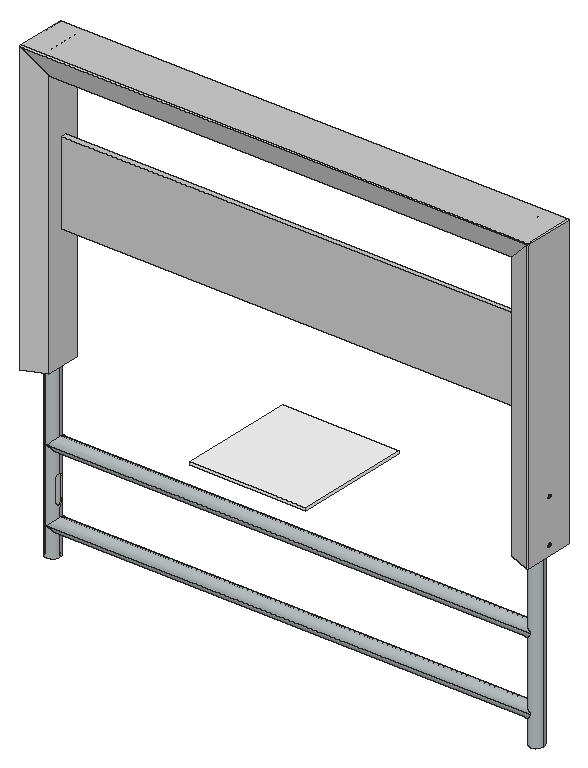
Revit family "BE_99069_de_DE", category Leuchten, Revit 2020
Family settings
  Basisbauteil = Fläche
  Bemaßung runder Anschluss = Durchmesser verwenden
  Teiletyp = Normal
  Beim Laden mit Abzugskörper schneiden = Ja
  Lichtquelle = Ja
  Gemeinsam genutzt = Nein
  Raumberechnungspunkt = Ja
Parameters (values of type "BEGA_99069_Silber_K4")
  built-in parameter 1150104 = 14.672 (stored number, unit not read)
  Wattage = 50.4 W
  Default Elevation = 0 mm
  built-in parameter 1150113 = 1 (stored number, unit not read)
  built-in parameter 1114218 = 1 (stored number, unit not read)
  Umgebungstemperatur = "25 °C"
  URL = "https://www.bega.com/de/produkt/99069"
  Typenkommentare = "© 2022 BEGA. Wir behalten uns das Recht vor, technische Änderungen ohne vorherige Ankündigung vorzunehmen."  # constant formula
  Type Image = 99069.png
  built-in parameter 1150134 = 12
  built-in parameter 1150109 = 1 (stored number, unit not read)
  Strom = ""
  built-in parameter 1150110 = 1 (stored number, unit not read)
  Spannung = 239.996 V
  Sonderanfertigung = no
  Seriennummer [instance] = "Hier können Sie die eindeutige Seriennummer für das Facility Management eintragen."
  Schutzklasse = "I"
  Schutzart = "IP 65"
  Scheinlast = 0 VA
  Produktdatenblatt = "https://cdn.bega.com/bega/products/99069AK3/current/documents/data-sheets/de"
  Oberflächentemperatur = ""
  Neigungswinkel = 0.00°
  Modell = "99069AK4"
  Material_18 = BEGA_Gummi_schwarz
  Material_17 = BEGA_Reflektor
  Material_15 = BEGA_Leuchtmedium_matt
  Material_11 = BEGA_Glas_opal
  Material_10 = BEGA_Glas_matt
  Material_09 = BEGA_Glas_klar
  Material_08 = BEGA_Oberfläche_Stahl_verzinkt
  Material_06 = BEGA_Oberfläche_Edelstahl_gebürstet
  Material_03 = BEGA_Oberfläche_Weiss_matt
  Material_02 = BEGA_Oberfläche_Silber_matt
  Material_01 [instance] = BEGA_Oberfläche_Grafit_matt
  M_W = no
  M_G = no
  M_A = yes
  Logo = 0
  built-in parameter 1114217 = 1 (stored number, unit not read)
  built-in parameter 1150139 = (empty or 0)
  built-in parameter 1150105 = 633.41 (stored number, unit not read)
  built-in parameter 1150114 = 1 (stored number, unit not read)
  Lumens = 7959.67 lm
  built-in parameter 1150115 = 1 (stored number, unit not read)
  Leuchtenlichtstrom = "3835 lm"
  Leuchtenanzahl = ""
  Lebensdauerkriterien = "L70B50 @ 25 °C = 120000 h"
  Lastklassifizierung = Beleuchtung
  built-in parameter 1150112 = 1 (stored number, unit not read)
  Lampenlichtstrom = "8580 lm"
  Lampe = "LED 47.2 W"
  LED_Modulbezeichnung = "4x LED-0462/840"
  built-in parameter 1150142 = (empty or 0)
  Hersteller = "BEGA"  # constant formula
  Halbstreuwinkel = ""
  Gewicht = "58.0 kg"
  Gebrauchslageneinschränkung [instance] = ""
  Frequenz = "0/50-60 Hz"
  Farbwiedergabeindex = "CRI > 80"
  Farbtemperaturverschiebung bei Dämpfen der Lampe = <Keine Auswahl>
  Farbtemperatur = "4000 K"
  Color Filter = 16777215
  built-in parameter 1150133 = 10 (stored number, unit not read)
  Energieeffizienzklasse = "LED A++ - A"
  built-in parameter 1150137 = (empty or 0)
  built-in parameter 1150132 = (empty or 0)
  ENEC = "ja"
  Datei für fotometrisches Netz = "BE_99069K4.IES"
  CE_Konformität = "ja"
  Bestellnummer = "99069AK4"
  Beschreibung_Sonderanfertigung = "Hier können Sie Informationen zur Sonderanfertigung eintragen."
  Beschreibung = "Hinweisleuchte"
  built-in parameter 1150106 = 6.3341 (stored number, unit not read)
  Befestigungsbohrung = ""
  Befestigungsabstand = ""
  Ballwurfsicher = ""
  BEGA_Intern_aus = yes
  BEGA_Intern_an = yes
  BEGA_Intern_Konstruktion = yes
  BEGA_Intern = yes
  BEGA_IES = yes
  BEGA_Dummy = no
  Anschlussleitung = ""
  Anschlussleistung [instance] = "53 W"
  Anschlusskasten = ""
  built-in parameter 1150107 = 4000 (stored number, unit not read)
  built-in parameter 1150102 = (empty or 0)
  built-in parameter 1150138 = (empty or 0)
  Aktualisierung = "2022-05-20T04:00:08"
  Abstand_zur_angestrahlten_Fläche [instance] = ""
  AC/DC = "AC/DC"
Types (4, lengths in mm): name | built-in parameter 1150104 | built-in parameter 1150134 | Modell | M_G | M_A | built-in parameter 1150105 | Lumens | Leuchtenlichtstrom | Lampenlichtstrom | LED_Modulbezeichnung | Farbtemperatur | Datei für fotometrisches Netz | Bestellnummer | built-in parameter 1150106 | built-in parameter 1150107
  BEGA_99069_Grafit_K3 | 13.419 (stored number, unit not read) | (empty or 0) | "99069K3" | yes | no | 579.31 (stored number, unit not read) | 7279.78 lm | "3657 lm" | "8180 lm" | "4x LED-0462/830" | "3000 K" | "BE_99069K3.IES" | "99069K3" | 5.7931 (stored number, unit not read) | 3000 (stored number, unit not read)
  BEGA_99069_Silber_K3 | 13.419 (stored number, unit not read) | (empty or 0) | "99069AK3" | no | yes | 579.31 (stored number, unit not read) | 7279.78 lm | "3657 lm" | "8180 lm" | "4x LED-0462/830" | "3000 K" | "BE_99069K3.IES" | "99069AK3" | 5.7931 (stored number, unit not read) | 3000 (stored number, unit not read)
  BEGA_99069_Silber_K4 | 14.672 (stored number, unit not read) | 12 | "99069AK4" | no | yes | 633.41 (stored number, unit not read) | 7959.67 lm | "3835 lm" | "8580 lm" | "4x LED-0462/840" | "4000 K" | "BE_99069K4.IES" | "99069AK4" | 6.3341 (stored number, unit not read) | 4000 (stored number, unit not read)
  BEGA_99069_Grafit_K4 | 14.672 (stored number, unit not read) | 12 | "99069K4" | yes | no | 633.41 (stored number, unit not read) | 7959.67 lm | "3835 lm" | "8580 lm" | "4x LED-0462/840" | "4000 K" | "BE_99069K4.IES" | "99069K4" | 6.3341 (stored number, unit not read) | 4000 (stored number, unit not read)
Reference planes
  plane 1 "Mitte (Vorne/Hinten)": y = 0
  plane 2: z = 0
  plane 3 "Mitte (Links/Rechts)": x = 0
  plane 4 "Links": x = -877.141
  plane 5 "Rechts": x = 877.141
  plane 6 "Unten": y = -90
  plane 7 "Oben": y = 90
  plane 8 "Vorne": z = 1002.142
  plane 9 "Hinten": z = -594.874
Forms (mm)
  Extrusion 1, solid, material "BEGA_Platte_Weiss"
    sketch origin (0, -1119.2, 0) x (1, 0, 0) y (0, 1, 0)
      loop
        line (-200, 1319.2) -> (-200, 919.2) -> (200, 919.2) -> (200, 1319.2) -> (-200, 1319.2)
    from 0 to -10
  Extrusion 2, solid, material "BEGA_Dummy_matt", visible <- "BEGA_Dummy"
    sketch origin (80.095, -76.023, 0) x (1, 0, 0) y (0, 1, 0)
      loop
        line (-957.237, 166.023) -> (-957.237, -13.977) -> (797.046, -13.977) -> (797.046, 166.023) -> (-957.237, 166.023)
    from 0 to 25.379
Dimensions and locks
  plane 1 "Mitte (Vorne/Hinten)" to Extrusion 1 = 200 mm
  aligned and locked: plane 2 to Extrusion 1
  aligned and locked: level to Extrusion 1
Nested families
  nested 1: "BE_99069" at (0, 0, 0), type "BE_99069"
Connectors
  electrical at (0, 0, 0), driven by "Lastklassifizierung", driven by "Spannung", driven by "Scheinlast"
    settings: index 1, voltage 239.996 V, apparent load 0 VA, apparent load phase1 0 VA, apparent load phase2 0 VA, apparent load phase3 0 VA, power factor 1, load classification "Beleuchtung", number of poles 1, system type 31, power factor state 1, is connector primary yes, connector utility no, sub classification motor no, connector description ""
Definition of nested family "BE_99069"
  Parameters (values of type "BE_99069")
    Default Elevation = 1 mm
    URL = "http://www.bega.de/de/produkt"
    Type Comments = "© 2015 BEGA. Wir behalten uns das Recht vor, technische Änderungen ohne vorherige Ankündigung vorzunehmen. "  # constant formula
    Type Image = (empty or 0)
    Material_18 = none
    Material_17 = none
    Material_15 = none
    Material_11 = none
    Material_10 = none
    Material_09 = none
    Material_08 = none
    Material_06 = none
    Material_03 = none
    Material_02 = none
    Material_01 = none
    M_W = yes
    M_G = yes
    M_A = yes
    Länge_Platte = 1900 mm  # constant formula
    Höhe_Platte = -10 mm  # constant formula
    Manufacturer = "BEGA"  # constant formula
    Breite_Platte = 300 mm  # constant formula
  Reference planes
    plane 1 "Mitte (Oben/Unten)": y = 0
    plane 2: z = 0
    plane 3 "Mitte (Links/Rechts)": x = 0
    plane 4: x = -877.141
    plane 5: z = -594.874
    plane 6: z = 1002.142
    plane 7: x = 877.141
    plane 8: y = -90
    plane 9: y = 90
  Forms (mm)
    Extrusion 1, solid, detail levels medium
      sketch origin (0, 0, 0) x (1, 0, 0) y (0, 1, 0)
        loop
          line (-950, 150) -> (-950, -150) -> (950, -150) -> (950, 150) -> (-950, 150)
      from 0 to -10 <- "Höhe_Platte"
    Extrusion 2, solid, material <- "Material_01", visible <- "M_G", detail levels medium+fine
      sketch origin (0, 0, 0) x (1, 0, 0) y (0, 1, 0)
        loop
          line (-877.141, -91.373) -> (-797.141, -60) -> (-797.141, 60) -> (-877.141, 91.373) -> (-877.141, -91.373)
        loop
          line (-862.923, 81.5) -> (-873.141, 81.5) -> (-873.141, -81.5) -> (-862.923, -81.5) -> (-801.141, -57.272) -> (-801.141, 57.272) -> (-862.923, 81.5)
        loop
          line (877.141, -91.373) -> (877.141, 91.373) -> (797.141, 60) -> (797.141, -60) -> (877.141, -91.373)
        loop
          line (862.923, 81.5) -> (801.141, 57.272) -> (801.141, -57.272) -> (862.923, -81.5) -> (873.141, -81.5) -> (873.141, 81.5) -> (862.923, 81.5)
      from 0 to 1002.142
    Extrusion 3, solid, material <- "Material_01", visible <- "M_G", detail levels medium+fine
      sketch origin (0, 0, -594.874) x (0, 1, 0) y (0, 0, 1)
        loop
          line (91.373, 1597.015) -> (-91.373, 1597.015) -> (-60, 1517.015) -> (60, 1517.015) -> (91.373, 1597.015)
        loop
          line (81.5, 1593.015) -> (-85.474, 1593.015) -> (-57.236, 1521.015) -> (57.258, 1521.015) -> (81.5, 1582.937) -> (81.5, 1593.015)
      from -877.141 to 877.141
    Extrusion 4, void
      sketch origin (0, 0, -594.874) x (1, 0, 0) y (0, 0, 1)
        loop
          line (877.141, 1597.015) -> (873, 1597.015) -> (877.141, 1592.874) -> (877.141, 1597.015)
        loop
          line (-877.141, 1597.015) -> (-877.141, 1592.874) -> (-873, 1597.015) -> (-877.141, 1597.015)
      from -108.412 to 107.721
    Extrusion 5, void
      sketch origin (0, 0, 0) x (1, 0, 0) y (0, 1, 0)
        loop
          line (-877.141, -86.5) -> (-877.141, -93.991) -> (-871.761, -91.881) -> (-877.141, -86.5)
        loop
          line (-877.141, 86.5) -> (-871.761, 91.881) -> (-877.141, 93.991) -> (-877.141, 86.5)
      from -16.353 to 1020.999
    Extrusion 6, void
      sketch origin (0, 0, 0) x (-1, 0, 0) y (0, -1, 0)
        loop
          line (-877.141, 86.5) -> (-871.761, 91.881) -> (-877.141, 93.991) -> (-877.141, 86.5)
        loop
          line (-877.141, -86.5) -> (-877.141, -93.991) -> (-871.761, -91.881) -> (-877.141, -86.5)
      from -16.353 to 1020.999
    Extrusion 7, void
      sketch origin (0, 0, -594.874) x (0, 1, 0) y (0, 0, 1)
        loop
          line (-86.5, 1597.015) -> (-91.373, 1597.015) -> (-91.373, 1592.143) -> (-86.5, 1597.015)
        loop
          line (86.5, 1597.015) -> (91.373, 1592.143) -> (91.373, 1597.015) -> (86.5, 1597.015)
      from -896.445 to 902.845
    Extrusion 8, solid, material <- "Material_08", detail levels medium+fine
      sketch origin (0, 0, 0) x (1, 0, 0) y (0, 1, 0)
        loop
          circle (835.5, 0) r 20.95
        loop
          circle (835.5, 0) r 24.15
        loop
          circle (-832.5, 0) r 20.95
        loop
          circle (-832.5, 0) r 24.15
      from -594.874 to 205.126
    Extrusion 9, void
      sketch origin (0, 0, 0) x (0, 1, 0) y (0, 0, 1)
        loop
          line (37, 462) -> (-37, 462)
          arc (-37, 462) -> (-39.828, 460.828) -> (-41, 458) r 4
          line (-41, 458) -> (-41, 254)
          arc (-41, 254) -> (-39.828, 251.172) -> (-37, 250) r 4
          line (-37, 250) -> (37, 250)
          arc (37, 250) -> (39.828, 251.172) -> (41, 254) r 4
          line (41, 254) -> (41, 458)
          arc (41, 458) -> (39.828, 460.828) -> (37, 462) r 4
      from -878.041 to -874.413
    Extrusion 10, solid, material <- "Material_01", visible <- "M_G", detail levels medium+fine
      sketch origin (0, -3302.472, 0) x (0, 1, 0) y (0, 0, 1)
        loop
          line (3339.494, 460.925) -> (3265.45, 460.925)
          arc (3265.45, 460.925) -> (3263.354, 460.033) -> (3262.49, 457.926) r 3
          line (3262.49, 457.926) -> (3262.49, 253.95)
          arc (3262.49, 253.95) -> (3263.372, 251.836) -> (3265.489, 250.961) r 3
          line (3265.489, 250.961) -> (3339.455, 250.961)
          arc (3339.455, 250.961) -> (3341.575, 251.84) -> (3342.454, 253.961) r 3
          line (3342.454, 253.961) -> (3342.454, 457.915)
          arc (3342.454, 457.915) -> (3341.593, 460.029) -> (3339.494, 460.925) r 3
      from -877.141 to -874.413
    Revolve 11, void
      sketch origin (-3360.287, 0, 0) x (-1, 0, 0) y (0, 0, 1)
        loop
          line (-2488.038, 361.518) -> (-2488.038, 355.943) -> (-2482.123, 355.943) -> (-2482.123, 361.518) -> (-2488.038, 361.518)
        axis (-2488.038, 355.943) -> (-2482.123, 355.943)
      angle from 0 to 360
    Revolve 12, solid, material <- "Material_06", detail levels fine
      sketch origin (1609.004, 0, 0) x (1, 0, 0) y (0, 0, 1)
        loop
          line (-2487.645, 360.943) -> (-2487.645, 355.943) -> (-2481.645, 355.943) -> (-2481.645, 360.943) -> (-2487.645, 360.943)
        axis (-2487.645, 355.943) -> (-2481.645, 355.943)
      angle from 0 to 360
    Revolve 13, solid, material <- "Material_06", detail levels fine
      sketch origin (0, 0, 0) x (1, 0, 0) y (0, 0, 1)
        loop
          line (-878.192, 190.45) -> (-878.192, 189) -> (-880.813, 189) -> (-881.563, 188.25) -> (-881.563, 185) -> (-876.779, 185) -> (-876.779, 190.45) -> (-878.192, 190.45)
        axis (-881.563, 185) -> (-876.779, 185)
      angle from 0 to 360
    Revolve 14, solid, material <- "Material_06", detail levels fine
      sketch origin (0, 0, -150) x (1, 0, 0) y (0, 0, 1)
        loop
          line (-878.192, 190.45) -> (-878.192, 189) -> (-880.813, 189) -> (-881.563, 188.25) -> (-881.563, 185) -> (-876.779, 185) -> (-876.779, 190.45) -> (-878.192, 190.45)
        axis (-881.563, 185) -> (-876.779, 185)
      angle from 0 to 360
    Revolve 15, solid, material <- "Material_06", detail levels fine
      sketch origin (0, 0, 0) x (-1, 0, 0) y (0, 0, 1)
        loop
          line (-878.192, 190.45) -> (-878.192, 189) -> (-880.813, 189) -> (-881.563, 188.25) -> (-881.563, 185) -> (-876.779, 185) -> (-876.779, 190.45) -> (-878.192, 190.45)
        axis (-881.563, 185) -> (-876.779, 185)
      angle from 0 to 360
    Revolve 16, solid, material <- "Material_06", detail levels fine
      sketch origin (0, 0, -150) x (-1, 0, 0) y (0, 0, 1)
        loop
          line (-878.192, 190.45) -> (-878.192, 189) -> (-880.813, 189) -> (-881.563, 188.25) -> (-881.563, 185) -> (-876.779, 185) -> (-876.779, 190.45) -> (-878.192, 190.45)
        axis (-881.563, 185) -> (-876.779, 185)
      angle from 0 to 360
    Extrusion 17, void
      sketch origin (0, 0, 0) x (0, 1, 0) y (0, 0, 1)
        loop
          line (-51.5, 926.74) -> (-51.5, 918.632) -> (51.5, 918.632) -> (51.5, 926.74) -> (-51.5, 926.74)
      from -755 to 755
    Sweep 18, solid, material <- "Material_01", visible <- "M_G", detail levels medium+fine
      path origin (0, 0, 0) x (1, 0, 0) y (0, 1, 0)
        loop
          line (-755, -51.5) -> (755, -51.5) -> (755, 51.5) -> (-755, 51.5) -> (-755, -51.5)
      profile origin (0, -51.5, 0) x (0, 1, 0) y (0, 0, 1)
        loop
          line (1.5, 922.142) -> (27, 922.142) -> (27, 926.142) -> (1.5, 926.142) -> (1.5, 922.142)
    Extrusion 19, solid, material <- "Material_10", detail levels medium+fine
      sketch origin (0, 0, 0) x (0, 1, 0) y (0, 0, 1)
        loop
          line (-32.25, 931.142) -> (-32.25, 927.142) -> (32.25, 927.142) -> (32.25, 931.142) -> (-32.25, 931.142)
      from -742.412 to 744.733
    Revolve 20, void
      sketch origin (0, 0, 0) x (0, 1, 0) y (0, 0, 1)
        loop
          line (-46.25, 922.142) -> (-41.25, 922.142) -> (-41.25, 924.97) -> (-45.684, 924.97) -> (-45.684, 922.708) -> (-46.25, 922.142)
        axis (-41.25, 924.97) -> (-41.25, 922.142)
      angle from 0 to 360
    Revolve 21, void
      sketch origin (0, 0, 0) x (0, -1, 0) y (0, 0, 1)
        loop
          line (-46.25, 922.142) -> (-41.25, 922.142) -> (-41.25, 924.97) -> (-45.684, 924.97) -> (-45.684, 922.708) -> (-46.25, 922.142)
        axis (-41.25, 924.97) -> (-41.25, 922.142)
      angle from 0 to 360
    Revolve 22, void
      sketch origin (-600, 0, 0) x (0, 1, 0) y (0, 0, 1)
        loop
          line (-46.25, 922.142) -> (-41.25, 922.142) -> (-41.25, 924.97) -> (-45.684, 924.97) -> (-45.684, 922.708) -> (-46.25, 922.142)
        axis (-41.25, 924.97) -> (-41.25, 922.142)
      angle from 0 to 360
    Revolve 23, void
      sketch origin (-600, 0, 0) x (0, -1, 0) y (0, 0, 1)
        loop
          line (-46.25, 922.142) -> (-41.25, 922.142) -> (-41.25, 924.97) -> (-45.684, 924.97) -> (-45.684, 922.708) -> (-46.25, 922.142)
        axis (-41.25, 924.97) -> (-41.25, 922.142)
      angle from 0 to 360
    Revolve 24, void
      sketch origin (600, 0, 0) x (0, 1, 0) y (0, 0, -1)
        loop
          line (-46.25, -922.142) -> (-45.684, -922.708) -> (-45.684, -924.97) -> (-41.25, -924.97) -> (-41.25, -922.142) -> (-46.25, -922.142)
        axis (-41.25, -924.97) -> (-41.25, -922.142)
      angle from 0 to 360
    Revolve 25, void
      sketch origin (600, 0, 0) x (0, -1, 0) y (0, 0, 1)
        loop
          line (-46.25, 922.142) -> (-41.25, 922.142) -> (-41.25, 924.97) -> (-45.684, 924.97) -> (-45.684, 922.708) -> (-46.25, 922.142)
        axis (-41.25, 924.97) -> (-41.25, 922.142)
      angle from 0 to 360
    Revolve 26, solid, material <- "Material_06", detail levels fine
      sketch origin (0, 0, 0) x (0, 1, 0) y (0, 0, 1)
        loop
          line (-45.512, 924.97) -> (-45.512, 920.441) -> (-41.25, 920.441) -> (-41.25, 924.97) -> (-45.512, 924.97)
        axis (-41.25, 924.97) -> (-41.25, 920.441)
      angle from 0 to 360
    Revolve 27, solid, material <- "Material_06", detail levels fine
      sketch origin (0, 0, 0) x (0, -1, 0) y (0, 0, 1)
        loop
          line (-45.512, 924.97) -> (-45.512, 920.441) -> (-41.25, 920.441) -> (-41.25, 924.97) -> (-45.512, 924.97)
        axis (-41.25, 924.97) -> (-41.25, 920.441)
      angle from 0 to 360
    Revolve 28, solid, material <- "Material_06", detail levels fine
      sketch origin (-600, 0, 0) x (0, 1, 0) y (0, 0, 1)
        loop
          line (-45.512, 924.97) -> (-45.512, 920.441) -> (-41.25, 920.441) -> (-41.25, 924.97) -> (-45.512, 924.97)
        axis (-41.25, 924.97) -> (-41.25, 920.441)
      angle from 0 to 360
    Revolve 29, solid, material <- "Material_06", detail levels fine
      sketch origin (-600, 0, 0) x (0, -1, 0) y (0, 0, 1)
        loop
          line (-45.512, 924.97) -> (-45.512, 920.441) -> (-41.25, 920.441) -> (-41.25, 924.97) -> (-45.512, 924.97)
        axis (-41.25, 924.97) -> (-41.25, 920.441)
      angle from 0 to 360
    Revolve 30, solid, material <- "Material_06", detail levels fine
      sketch origin (600, 0, 0) x (0, 1, 0) y (0, 0, -1)
        loop
          line (-45.512, -924.97) -> (-41.25, -924.97) -> (-41.25, -920.441) -> (-45.512, -920.441) -> (-45.512, -924.97)
        axis (-41.25, -924.97) -> (-41.25, -920.441)
      angle from 0 to 360
    Revolve 31, solid, material <- "Material_06", detail levels fine
      sketch origin (600, 0, 0) x (0, -1, 0) y (0, 0, 1)
        loop
          line (-45.512, 924.97) -> (-45.512, 920.441) -> (-41.25, 920.441) -> (-41.25, 924.97) -> (-45.512, 924.97)
        axis (-41.25, 924.97) -> (-41.25, 920.441)
      angle from 0 to 360
    Extrusion 32, void
      sketch origin (0, 0, 0) x (0, 1, 0) y (0, 0, 1)
        loop
          arc (15, -349.874) -> (0, -334.874) -> (-15, -349.874) r 15
          line (-15, -349.874) -> (-15, -419.874)
          arc (-15, -419.874) -> (0, -434.874) -> (15, -419.874) r 15
          line (15, -419.874) -> (15, -349.874)
        loop
          circle (0, -584.874) r 5
      from -832.962 to -806.308
    Extrusion 33, void
      sketch origin (0, 0, 0) x (0, 1, 0) y (0, 0, -1)
        loop
          line (15, 349.874) -> (15, 419.874)
          arc (15, 419.874) -> (0, 434.874) -> (-15, 419.874) r 15
          line (-15, 419.874) -> (-15, 349.874)
          arc (-15, 349.874) -> (0, 334.874) -> (15, 349.874) r 15
        loop
          circle (0, 584.874) r 5
      from -829.89 to -806.308
    Extrusion 34, solid, material <- "Material_08", detail levels medium+fine
      sketch origin (0, 0, 0) x (0, 1, 0) y (0, 0, 1)
        loop
          circle (0, -244.874) r 20.95
        loop
          circle (0, -244.874) r 24.15
        loop
          circle (0, -494.874) r 20.95
        loop
          circle (0, -494.874) r 24.15
      from -832.5 to 835.5
    Extrusion 35, solid, material <- "Material_02", visible <- "M_A", detail levels medium+fine
      sketch origin (0, 0, 0) x (1, 0, 0) y (0, 1, 0)
        loop
          line (-877.141, -91.373) -> (-797.141, -60) -> (-797.141, 60) -> (-877.141, 91.373) -> (-877.141, -91.373)
        loop
          line (-862.923, 81.5) -> (-873.141, 81.5) -> (-873.141, -81.5) -> (-862.923, -81.5) -> (-801.141, -57.272) -> (-801.141, 57.272) -> (-862.923, 81.5)
        loop
          line (877.141, -91.373) -> (877.141, 91.373) -> (797.141, 60) -> (797.141, -60) -> (877.141, -91.373)
        loop
          line (862.923, 81.5) -> (801.141, 57.272) -> (801.141, -57.272) -> (862.923, -81.5) -> (873.141, -81.5) -> (873.141, 81.5) -> (862.923, 81.5)
      from 0 to 1002.142
    Extrusion 36, solid, material <- "Material_02", visible <- "M_A", detail levels medium+fine
      sketch origin (0, 0, -594.874) x (0, 1, 0) y (0, 0, 1)
        loop
          line (91.373, 1597.015) -> (-91.373, 1597.015) -> (-60, 1517.015) -> (60, 1517.015) -> (91.373, 1597.015)
        loop
          line (81.5, 1593.015) -> (-85.474, 1593.015) -> (-57.236, 1521.015) -> (57.258, 1521.015) -> (81.5, 1582.937) -> (81.5, 1593.015)
      from -877.141 to 877.141
    Extrusion 37, solid, material <- "Material_02", visible <- "M_A", detail levels medium+fine
      sketch origin (0, -3302.472, 0) x (0, 1, 0) y (0, 0, 1)
        loop
          line (3339.494, 460.925) -> (3265.45, 460.925)
          arc (3265.45, 460.925) -> (3263.354, 460.033) -> (3262.49, 457.926) r 3
          line (3262.49, 457.926) -> (3262.49, 253.95)
          arc (3262.49, 253.95) -> (3263.372, 251.836) -> (3265.489, 250.961) r 3
          line (3265.489, 250.961) -> (3339.455, 250.961)
          arc (3339.455, 250.961) -> (3341.575, 251.84) -> (3342.454, 253.961) r 3
          line (3342.454, 253.961) -> (3342.454, 457.915)
          arc (3342.454, 457.915) -> (3341.593, 460.029) -> (3339.494, 460.925) r 3
      from -877.141 to -874.413
    Sweep 38, solid, material <- "Material_02", visible <- "M_A", detail levels medium+fine
      path origin (0, 0, 0) x (1, 0, 0) y (0, 1, 0)
        loop
          line (-755, -51.5) -> (755, -51.5) -> (755, 51.5) -> (-755, 51.5) -> (-755, -51.5)
      profile origin (0, -51.5, 0) x (0, 1, 0) y (0, 0, 1)
        loop
          line (1.5, 922.142) -> (27, 922.142) -> (27, 926.142) -> (1.5, 926.142) -> (1.5, 922.142)
    Extrusion 39, solid, material <- "Material_01", visible <- "M_G", detail levels medium+fine
      sketch origin (0, 0, 0) x (0, 1, 0) y (0, 0, 1)
        loop
          line (9, 713.142) -> (-9, 713.142) -> (-9, 427.142) -> (9, 427.142) -> (9, 713.142)
        loop
          line (-6, 430.142) -> (6, 430.142) -> (6, 710.142) -> (-6, 710.142) -> (-6, 430.142)
      from -795.041 to 795.041
    Extrusion 40, solid, material <- "Material_01", visible <- "M_G", detail levels medium+fine
      sketch origin (0, 0, 0) x (-1, 0, 0) y (0, 0, -1)
        loop
          line (787.859, -669.786) -> (797.141, -669.786) -> (797.141, -469.786) -> (787.859, -469.786) -> (787.859, -669.786)
      from -6 to 6
    Extrusion 41, solid, material <- "Material_01", visible <- "M_G", detail levels medium+fine
      sketch origin (0, 0, 0) x (1, 0, 0) y (0, 0, 1)
        loop
          line (787.859, 669.786) -> (787.859, 469.786) -> (797.141, 469.786) -> (797.141, 669.786) -> (787.859, 669.786)
      from -6 to 6
    Extrusion 42, solid, material <- "Material_06", detail levels fine
      sketch origin (0, 0, 0) x (1, 0, 0) y (0, 1, 0)
        loop
          circle (-650.141, 0) r 5
        loop
          circle (650.141, 0) r 5
      from 426.573 to 438.729
    Extrusion 43, solid, material <- "Material_02", visible <- "M_A", detail levels medium+fine
      sketch origin (0, 0, 0) x (0, 1, 0) y (0, 0, 1)
        loop
          line (9, 713.142) -> (-9, 713.142) -> (-9, 427.142) -> (9, 427.142) -> (9, 713.142)
        loop
          line (-6, 430.142) -> (6, 430.142) -> (6, 710.142) -> (-6, 710.142) -> (-6, 430.142)
      from -795.041 to 795.041
  Cuts and joins
    Extrusion 4, Extrusion 5, Extrusion 6, Extrusion 7, Extrusion 9, Extrusion 17 cuts Extrusion 2
    Extrusion 4, Extrusion 5, Extrusion 6, Extrusion 7, Extrusion 17 cuts Extrusion 3
    joined: Extrusion 2, Extrusion 3
    Revolve 11 cuts Extrusion 10
    Revolve 20, Revolve 21, Revolve 22, Revolve 23, Revolve 24, Revolve 25 cuts Sweep 18
    Extrusion 32, Extrusion 33 cuts Extrusion 8
    joined: Extrusion 8, Extrusion 34
    Extrusion 4, Extrusion 5, Extrusion 6, Extrusion 7, Extrusion 9 cuts Extrusion 35
    Extrusion 4, Extrusion 5, Extrusion 6, Extrusion 7, Extrusion 17 cuts Extrusion 36
    joined: Extrusion 35, Extrusion 36
    Revolve 11 cuts Extrusion 37
    Revolve 20, Revolve 21, Revolve 22, Revolve 23, Revolve 24, Revolve 25 cuts Sweep 38
    joined: Extrusion 39, Extrusion 40, Extrusion 41
  Dimensions and locks
    equal spacing: Extrusion 1 sketch curve, plane 3 "Mitte (Links/Rechts)", Extrusion 1 sketch curve
    equal spacing: Extrusion 1 sketch curve, plane 1 "Mitte (Oben/Unten)", Extrusion 1 sketch curve
    "Länge_Platte": Extrusion 1 sketch curve to Extrusion 1 sketch curve
    "Breite_Platte": Extrusion 1 sketch curve to Extrusion 1 sketch curve
    aligned and locked: Extrusion 1 to plane 2
    aligned and locked: level to Extrusion 1
  Automatic sketch dimensions
    Extrusion 2 sketch curve to plane 4 = 0 mm
    Extrusion 2 sketch curve to plane 7 = 0 mm
    plane 4 to Extrusion 2 sketch curve = 4 mm
    Extrusion 2 sketch curve to Extrusion 2 sketch curve = 10.219 mm  (x2)
    Extrusion 2 sketch curve to plane 9 = 32.728 mm  (x2)
    Extrusion 2 sketch curve to Extrusion 2 sketch curve = 61.781 mm
    Extrusion 2 sketch curve to Extrusion 2 sketch curve = 4 mm  (x2)
    Extrusion 2 sketch curve to plane 8 = 30 mm  (x2)
    plane 7 to Extrusion 2 sketch curve = 80 mm
    Extrusion 2 sketch curve to plane 8 = 32.728 mm
    plane 7 to Extrusion 2 sketch curve = 14.219 mm  (x2)
    plane 7 to Extrusion 2 sketch curve = 4 mm
    Extrusion 2 sketch curve to plane 8 = 8.5 mm  (x2)
    plane 8 to Extrusion 2 sketch curve = 1.373 mm  (x2)
    Extrusion 2 sketch curve to Extrusion 2 sketch curve = 2.728 mm  (x3)
    Extrusion 2 sketch curve to plane 9 = 8.5 mm  (x2)
    plane 9 to Extrusion 2 sketch curve = 1.373 mm  (x2)
    Extrusion 3 sketch curve to plane 6 = 0 mm
    plane 8 to Extrusion 3 sketch curve = 1.373 mm
    Extrusion 3 sketch curve to plane 8 = 4.526 mm
    Extrusion 3 sketch curve to plane 8 = 30 mm
    Extrusion 3 sketch curve to Extrusion 3 sketch curve = 2.764 mm
    Extrusion 3 sketch curve to plane 9 = 32.742 mm
    Extrusion 3 sketch curve to Extrusion 3 sketch curve = 2.742 mm
    plane 6 to Extrusion 3 sketch curve = 4 mm
    Extrusion 3 sketch curve to plane 9 = 8.5 mm
    plane 9 to Extrusion 3 sketch curve = 1.372 mm
    Extrusion 3 sketch curve to Extrusion 3 sketch curve = 10.078 mm
    plane 6 to Extrusion 3 sketch curve = 76 mm
    Extrusion 3 sketch curve to Extrusion 3 sketch curve = 4 mm
    Extrusion 4 sketch curve to plane 4 = 0 mm
    plane 7 to Extrusion 4 sketch curve = 0 mm
    Extrusion 4 sketch curve to plane 6 = 0 mm  (x2)
    Extrusion 4 sketch curve to Extrusion 4 sketch curve = 4.142 mm  (x2)
    plane 6 to Extrusion 4 sketch curve = 4.142 mm  (x2)
    Extrusion 5 sketch curve to plane 4 = 0 mm  (x2)
    plane 8 to Extrusion 5 sketch curve = 1.881 mm
    plane 4 to Extrusion 5 sketch curve = 5.381 mm  (x2)
    plane 9 to Extrusion 5 sketch curve = 1.881 mm
    plane 8 to Extrusion 5 sketch curve = 3.991 mm
    Extrusion 5 sketch curve to plane 8 = 3.5 mm
    Extrusion 5 sketch curve to plane 9 = 3.5 mm
    plane 9 to Extrusion 5 sketch curve = 3.991 mm
    Extrusion 6 sketch curve to plane 7 = 0 mm  (x2)
    Extrusion 6 sketch curve to plane 8 = 1.881 mm
    Extrusion 6 sketch curve to plane 7 = 5.381 mm  (x2)
    Extrusion 6 sketch curve to plane 9 = 1.881 mm
    Extrusion 6 sketch curve to plane 8 = 3.991 mm
    plane 8 to Extrusion 6 sketch curve = 3.5 mm
    plane 9 to Extrusion 6 sketch curve = 3.5 mm
    Extrusion 6 sketch curve to plane 9 = 3.991 mm
    Extrusion 7 sketch curve to plane 6 = 0 mm
    plane 6 to Extrusion 7 sketch curve = 0 mm
    plane 8 to Extrusion 7 sketch curve = 1.373 mm
    Extrusion 7 sketch curve to plane 8 = 3.5 mm
    Extrusion 7 sketch curve to plane 9 = 3.5 mm
    plane 9 to Extrusion 7 sketch curve = 1.373 mm
    plane 6 to Extrusion 7 sketch curve = 4.872 mm  (x2)
    Extrusion 8 sketch curve to Extrusion 8 sketch curve = 0 mm  (x4)
    Extrusion 8 sketch curve to plane 1 "Mitte (Oben/Unten)" = 0 mm
    plane 1 "Mitte (Oben/Unten)" to Extrusion 8 sketch curve = 0 mm
    plane 4 to Extrusion 8 sketch curve = 44.641 mm
    plane 7 to Extrusion 8 sketch curve = 41.641 mm
    plane 1 "Mitte (Oben/Unten)" to Extrusion 9 sketch curve = 41 mm
    Extrusion 9 sketch curve to Extrusion 9 sketch curve = 4 mm  (x3)
    Extrusion 9 sketch curve to plane 1 "Mitte (Oben/Unten)" = 37 mm  (x2)
    level to Extrusion 9 sketch curve = 250 mm
    Extrusion 9 sketch curve to Extrusion 9 sketch curve = 204 mm
    plane 1 "Mitte (Oben/Unten)" to Extrusion 10 sketch curve = 39.982 mm
    plane 1 "Mitte (Oben/Unten)" to Extrusion 10 sketch curve = 37.022 mm
    Extrusion 10 sketch curve to Extrusion 10 sketch curve = 3 mm  (x6)
    Extrusion 10 sketch curve to Extrusion 10 sketch curve = 0.04 mm  (x2)
    Extrusion 10 sketch curve to plane 1 "Mitte (Oben/Unten)" = 36.982 mm  (x2)
    level to Extrusion 10 sketch curve = 253.95 mm
    Extrusion 10 sketch curve to Extrusion 10 sketch curve = 0.011 mm  (x2)
    Extrusion 10 sketch curve to Extrusion 10 sketch curve = 203.954 mm
    Extrusion 10 sketch curve to Extrusion 10 sketch curve = 0.01 mm
    Extrusion 10 sketch curve to Extrusion 10 sketch curve = 0.018 mm  (x4)
    Extrusion 10 sketch curve to Extrusion 10 sketch curve = 0 mm  (x5)
    Revolve 11 sketch curve to plane 4 = 4.892 mm
    plane 4 to Revolve 11 sketch curve = 1.022 mm
    Revolve 11 sketch curve to level = 355.943 mm
    Revolve 11 sketch curve to Revolve 11 sketch curve = 5.575 mm
    Revolve 11 sketch curve to Revolve 11 sketch curve = 0 mm  (x3)
    Revolve 12 sketch curve to plane 4 = 1.5 mm
    plane 4 to Revolve 12 sketch curve = 4.5 mm
    level to Revolve 12 sketch curve = 355.943 mm
    Revolve 12 sketch curve to Revolve 12 sketch curve = 5 mm
    Revolve 12 sketch curve to Revolve 12 sketch curve = 0 mm  (x3)
    Revolve 13 sketch curve to plane 4 = 4.421 mm
    Revolve 13 sketch curve to Revolve 13 sketch curve = 0.75 mm  (x2)
    Revolve 13 sketch curve to plane 4 = 1.051 mm
    plane 4 to Revolve 13 sketch curve = 0.363 mm
    level to Revolve 13 sketch curve = 185 mm
    Revolve 13 sketch curve to Revolve 13 sketch curve = 3.25 mm
    Revolve 13 sketch curve to Revolve 13 sketch curve = 1.45 mm
    Revolve 13 sketch curve to Revolve 13 sketch curve = 0 mm  (x3)
    Revolve 14 sketch curve to plane 4 = 4.421 mm
    Revolve 14 sketch curve to Revolve 14 sketch curve = 0.75 mm  (x2)
    Revolve 14 sketch curve to plane 4 = 1.051 mm
    plane 4 to Revolve 14 sketch curve = 0.363 mm
    level to Revolve 14 sketch curve = 35 mm
    Revolve 14 sketch curve to Revolve 14 sketch curve = 3.25 mm
    Revolve 14 sketch curve to Revolve 14 sketch curve = 1.45 mm
    Revolve 14 sketch curve to Revolve 14 sketch curve = 0 mm  (x3)
    plane 7 to Revolve 15 sketch curve = 4.421 mm
    Revolve 15 sketch curve to Revolve 15 sketch curve = 0.75 mm  (x2)
    plane 7 to Revolve 15 sketch curve = 1.051 mm
    Revolve 15 sketch curve to plane 7 = 0.363 mm
    Revolve 15 sketch curve to level = 185 mm
    Revolve 15 sketch curve to Revolve 15 sketch curve = 3.25 mm
    Revolve 15 sketch curve to Revolve 15 sketch curve = 1.45 mm
    Revolve 15 sketch curve to Revolve 15 sketch curve = 0 mm  (x3)
    plane 7 to Revolve 16 sketch curve = 4.421 mm
    Revolve 16 sketch curve to Revolve 16 sketch curve = 0.75 mm  (x2)
    plane 7 to Revolve 16 sketch curve = 1.051 mm
    Revolve 16 sketch curve to plane 7 = 0.363 mm
    Revolve 16 sketch curve to level = 35 mm
    Revolve 16 sketch curve to Revolve 16 sketch curve = 3.25 mm
    Revolve 16 sketch curve to Revolve 16 sketch curve = 1.45 mm
    Revolve 16 sketch curve to Revolve 16 sketch curve = 0 mm  (x3)
    Extrusion 17 sketch curve to plane 8 = 38.5 mm
    Extrusion 17 sketch curve to plane 9 = 38.5 mm
    plane 6 to Extrusion 17 sketch curve = 83.51 mm
    Extrusion 17 sketch curve to Extrusion 17 sketch curve = 8.108 mm
    Sweep 18 sketch curve to plane 9 = 38.5 mm
    plane 4 to Sweep 18 sketch curve = 122.141 mm
    plane 7 to Sweep 18 sketch curve = 122.141 mm
    Sweep 18 sketch curve to plane 8 = 38.5 mm
    Sweep 18 sketch curve to profile plane = 1.5 mm
    Sweep 18 sketch curve to Sweep 18 sketch curve = 25.5 mm
    level to Sweep 18 sketch curve = 922.142 mm
    Sweep 18 sketch curve to Sweep 18 sketch curve = 4 mm
    plane 1 "Mitte (Oben/Unten)" to Extrusion 19 sketch curve = 32.25 mm
    Extrusion 19 sketch curve to plane 1 "Mitte (Oben/Unten)" = 32.25 mm
    plane 6 to Extrusion 19 sketch curve = 75 mm
    Extrusion 19 sketch curve to Extrusion 19 sketch curve = 4 mm
    Revolve 20 sketch curve to plane 8 = 43.75 mm
    Revolve 20 sketch curve to Revolve 20 sketch curve = 0.566 mm  (x2)
    Revolve 20 sketch curve to Revolve 20 sketch curve = 4.434 mm
    plane 6 to Revolve 20 sketch curve = 80 mm
    Revolve 20 sketch curve to Revolve 20 sketch curve = 2.263 mm
    Revolve 20 sketch curve to Revolve 20 sketch curve = 0 mm  (x3)
    plane 9 to Revolve 21 sketch curve = 43.75 mm
    Revolve 21 sketch curve to Revolve 21 sketch curve = 0.566 mm  (x2)
    Revolve 21 sketch curve to Revolve 21 sketch curve = 4.434 mm
    Revolve 21 sketch curve to plane 6 = 80 mm
    Revolve 21 sketch curve to Revolve 21 sketch curve = 2.263 mm
    Revolve 21 sketch curve to Revolve 21 sketch curve = 0 mm  (x3)
    Revolve 22 sketch curve to plane 8 = 43.75 mm
    Revolve 22 sketch curve to Revolve 22 sketch curve = 0.566 mm  (x2)
    Revolve 22 sketch curve to Revolve 22 sketch curve = 4.434 mm
    plane 6 to Revolve 22 sketch curve = 80 mm
    Revolve 22 sketch curve to Revolve 22 sketch curve = 2.263 mm
    Revolve 22 sketch curve to Revolve 22 sketch curve = 0 mm  (x3)
    plane 9 to Revolve 23 sketch curve = 43.75 mm
    Revolve 23 sketch curve to Revolve 23 sketch curve = 0.566 mm  (x2)
    Revolve 23 sketch curve to Revolve 23 sketch curve = 4.434 mm
    Revolve 23 sketch curve to plane 6 = 80 mm
    Revolve 23 sketch curve to Revolve 23 sketch curve = 2.263 mm
    Revolve 23 sketch curve to Revolve 23 sketch curve = 0 mm  (x3)
    Revolve 24 sketch curve to plane 8 = 43.75 mm
    Revolve 24 sketch curve to Revolve 24 sketch curve = 0.566 mm
    Revolve 24 sketch curve to Revolve 24 sketch curve = 4.434 mm
    plane 6 to Revolve 24 sketch curve = 77.171 mm
    Revolve 24 sketch curve to Revolve 24 sketch curve = 2.263 mm
    Revolve 24 sketch curve to Revolve 24 sketch curve = 2.829 mm
    Revolve 24 sketch curve to Revolve 24 sketch curve = 0 mm  (x3)
    Revolve 25 sketch curve to plane 9 = 43.75 mm
    Revolve 25 sketch curve to Revolve 25 sketch curve = 0.566 mm  (x2)
    Revolve 25 sketch curve to Revolve 25 sketch curve = 4.434 mm
    plane 6 to Revolve 25 sketch curve = 80 mm
    Revolve 25 sketch curve to Revolve 25 sketch curve = 2.263 mm
    Revolve 25 sketch curve to Revolve 25 sketch curve = 0 mm  (x3)
    Revolve 26 sketch curve to plane 8 = 44.488 mm
    Revolve 26 sketch curve to Revolve 26 sketch curve = 4.262 mm
    plane 6 to Revolve 26 sketch curve = 81.7 mm
    Revolve 26 sketch curve to Revolve 26 sketch curve = 4.529 mm
    Revolve 26 sketch curve to Revolve 26 sketch curve = 0 mm  (x3)
    plane 9 to Revolve 27 sketch curve = 44.488 mm
    Revolve 27 sketch curve to Revolve 27 sketch curve = 4.262 mm
    Revolve 27 sketch curve to plane 6 = 81.7 mm
    Revolve 27 sketch curve to Revolve 27 sketch curve = 4.529 mm
    Revolve 27 sketch curve to Revolve 27 sketch curve = 0 mm  (x3)
    Revolve 28 sketch curve to plane 8 = 44.488 mm
    Revolve 28 sketch curve to Revolve 28 sketch curve = 4.262 mm
    plane 6 to Revolve 28 sketch curve = 81.7 mm
    Revolve 28 sketch curve to Revolve 28 sketch curve = 4.529 mm
    Revolve 28 sketch curve to Revolve 28 sketch curve = 0 mm  (x3)
    plane 9 to Revolve 29 sketch curve = 44.488 mm
    Revolve 29 sketch curve to Revolve 29 sketch curve = 4.262 mm
    Revolve 29 sketch curve to plane 6 = 81.7 mm
    Revolve 29 sketch curve to Revolve 29 sketch curve = 4.529 mm
    Revolve 29 sketch curve to Revolve 29 sketch curve = 0 mm  (x3)
    Revolve 30 sketch curve to plane 8 = 44.488 mm
    Revolve 30 sketch curve to Revolve 30 sketch curve = 4.262 mm
    plane 6 to Revolve 30 sketch curve = 77.171 mm
    Revolve 30 sketch curve to Revolve 30 sketch curve = 4.529 mm
    Revolve 30 sketch curve to Revolve 30 sketch curve = 0 mm  (x3)
    Revolve 31 sketch curve to plane 9 = 44.488 mm
    Revolve 31 sketch curve to Revolve 31 sketch curve = 4.262 mm
    plane 6 to Revolve 31 sketch curve = 81.7 mm
    Revolve 31 sketch curve to Revolve 31 sketch curve = 4.529 mm
    Revolve 31 sketch curve to Revolve 31 sketch curve = 0 mm  (x3)
    Extrusion 32 sketch curve to plane 1 "Mitte (Oben/Unten)" = 0 mm  (x2)
    plane 1 "Mitte (Oben/Unten)" to Extrusion 32 sketch curve = 15 mm
    Extrusion 32 sketch curve to plane 5 = 10 mm
    Extrusion 32 sketch curve to Extrusion 32 sketch curve = 165 mm
    Extrusion 32 sketch curve to Extrusion 32 sketch curve = 70 mm
    Extrusion 33 sketch curve to plane 1 "Mitte (Oben/Unten)" = 0 mm  (x2)
    plane 1 "Mitte (Oben/Unten)" to Extrusion 33 sketch curve = 15 mm
    Extrusion 33 sketch curve to plane 5 = 245 mm
    Extrusion 33 sketch curve to Extrusion 33 sketch curve = 70 mm
    Extrusion 33 sketch curve to plane 5 = 10 mm
    Extrusion 35 sketch curve to plane 4 = 0 mm
    Extrusion 35 sketch curve to plane 7 = 0 mm
    plane 4 to Extrusion 35 sketch curve = 4 mm
    Extrusion 35 sketch curve to Extrusion 35 sketch curve = 10.219 mm  (x2)
    Extrusion 35 sketch curve to plane 9 = 32.728 mm  (x2)
    Extrusion 35 sketch curve to Extrusion 35 sketch curve = 61.781 mm
    Extrusion 35 sketch curve to Extrusion 35 sketch curve = 4 mm  (x2)
    Extrusion 35 sketch curve to plane 8 = 30 mm  (x2)
    plane 7 to Extrusion 35 sketch curve = 80 mm
    Extrusion 35 sketch curve to plane 8 = 32.728 mm
    plane 7 to Extrusion 35 sketch curve = 14.219 mm  (x2)
    plane 7 to Extrusion 35 sketch curve = 4 mm
    Extrusion 35 sketch curve to plane 8 = 8.5 mm  (x2)
    plane 8 to Extrusion 35 sketch curve = 1.373 mm  (x2)
    Extrusion 35 sketch curve to Extrusion 35 sketch curve = 2.728 mm  (x3)
    Extrusion 35 sketch curve to plane 9 = 8.5 mm  (x2)
    plane 9 to Extrusion 35 sketch curve = 1.373 mm  (x2)
    Extrusion 36 sketch curve to plane 6 = 0 mm
    plane 8 to Extrusion 36 sketch curve = 1.373 mm
    Extrusion 36 sketch curve to plane 8 = 4.526 mm
    Extrusion 36 sketch curve to plane 8 = 30 mm
    Extrusion 36 sketch curve to Extrusion 36 sketch curve = 2.764 mm
    Extrusion 36 sketch curve to plane 9 = 32.742 mm
    Extrusion 36 sketch curve to Extrusion 36 sketch curve = 2.742 mm
    plane 6 to Extrusion 36 sketch curve = 4 mm
    Extrusion 36 sketch curve to plane 9 = 8.5 mm
    plane 9 to Extrusion 36 sketch curve = 1.372 mm
    Extrusion 36 sketch curve to Extrusion 36 sketch curve = 10.078 mm
    plane 6 to Extrusion 36 sketch curve = 76 mm
    Extrusion 36 sketch curve to Extrusion 36 sketch curve = 4 mm
    plane 1 "Mitte (Oben/Unten)" to Extrusion 37 sketch curve = 39.982 mm
    plane 1 "Mitte (Oben/Unten)" to Extrusion 37 sketch curve = 37.022 mm
    Extrusion 37 sketch curve to Extrusion 37 sketch curve = 3 mm  (x6)
    Extrusion 37 sketch curve to Extrusion 37 sketch curve = 0.04 mm  (x2)
    Extrusion 37 sketch curve to plane 1 "Mitte (Oben/Unten)" = 36.982 mm  (x2)
    level to Extrusion 37 sketch curve = 253.95 mm
    Extrusion 37 sketch curve to Extrusion 37 sketch curve = 0.011 mm  (x2)
    Extrusion 37 sketch curve to Extrusion 37 sketch curve = 203.954 mm
    Extrusion 37 sketch curve to Extrusion 37 sketch curve = 0.01 mm
    Extrusion 37 sketch curve to Extrusion 37 sketch curve = 0.018 mm  (x4)
    Extrusion 37 sketch curve to Extrusion 37 sketch curve = 0 mm  (x5)
    Sweep 38 sketch curve to plane 9 = 38.5 mm
    plane 4 to Sweep 38 sketch curve = 122.141 mm
    plane 7 to Sweep 38 sketch curve = 122.141 mm
    Sweep 38 sketch curve to plane 8 = 38.5 mm
    Sweep 38 sketch curve to profile plane = 1.5 mm
    Sweep 38 sketch curve to Sweep 38 sketch curve = 25.5 mm
    level to Sweep 38 sketch curve = 922.142 mm
    Sweep 38 sketch curve to Sweep 38 sketch curve = 4 mm
    plane 1 "Mitte (Oben/Unten)" to Extrusion 39 sketch curve = 9 mm
    Extrusion 39 sketch curve to Extrusion 39 sketch curve = 3 mm  (x4)
    Extrusion 39 sketch curve to plane 1 "Mitte (Oben/Unten)" = 6 mm
    level to Extrusion 39 sketch curve = 427.142 mm
    Extrusion 39 sketch curve to Extrusion 39 sketch curve = 280 mm
    Extrusion 40 sketch curve to plane 4 = 89.283 mm
    Extrusion 40 sketch curve to Extrusion 40 sketch curve = 9.283 mm
    Extrusion 40 sketch curve to level = 469.786 mm
    Extrusion 40 sketch curve to Extrusion 40 sketch curve = 200 mm
    plane 7 to Extrusion 41 sketch curve = 89.283 mm
    Extrusion 41 sketch curve to Extrusion 41 sketch curve = 9.283 mm
    level to Extrusion 41 sketch curve = 469.786 mm
    Extrusion 41 sketch curve to Extrusion 41 sketch curve = 200 mm
    Extrusion 42 sketch curve to plane 1 "Mitte (Oben/Unten)" = 0 mm  (x2)
    plane 4 to Extrusion 42 sketch curve = 227 mm
    plane 7 to Extrusion 42 sketch curve = 227 mm
    plane 1 "Mitte (Oben/Unten)" to Extrusion 43 sketch curve = 9 mm
    Extrusion 43 sketch curve to Extrusion 43 sketch curve = 3 mm  (x4)
    Extrusion 43 sketch curve to plane 1 "Mitte (Oben/Unten)" = 6 mm
    level to Extrusion 43 sketch curve = 427.142 mm
    Extrusion 43 sketch curve to Extrusion 43 sketch curve = 280 mm
    radius of Extrusion 8 sketch curve = 20.95 mm  (x2)
    radius of Extrusion 8 sketch curve = 24.15 mm  (x2)
    radius of Extrusion 32 sketch curve = 5 mm
    radius of Extrusion 33 sketch curve = 5 mm
    radius of Extrusion 42 sketch curve = 5 mm  (x2)
